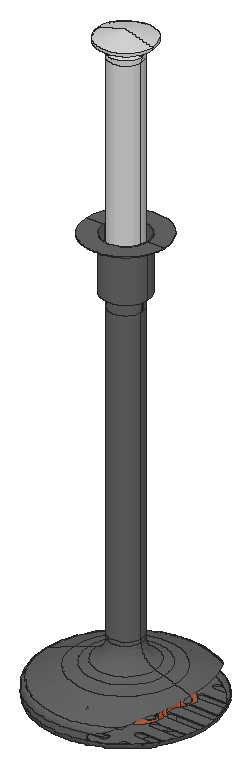
Revit family "Fireplace 5", category Generic Models, Revit 2020
Family settings
  Can host rebar = No
  Round Connector Dimension = Use Diameter
  Part Type = Normal
  Work Plane-Based = No
  Always vertical = Yes
  Cut with Voids When Loaded = No
  Shared = No
  Room Calculation Point = No
Parameters
  flame [instance] = Fire flame : Fire flame
  Height from ceiling line to Chinamans Hat [instance] = 1500 mm
  Flue Height [instance] = 2500 mm
  Default Elevation = 0 mm
  Ceiling flue sleeve diameter [instance] = 170 mm
Reference planes
  plane 1 "Center (Front/Back)": y = 0
  plane 2: z = 0
  plane 3 "Center (Left/Right)": x = 0
  plane 4: z = 925.173
  plane 5 "top of flue": z = 3425.173
  plane 6 "plate height": z = 470
  plane 7: z = 4925.173
Forms (mm)
  Revolve 1, solid, material "GyroFocus Main Body"
    sketch origin (16.743, 0, 0) x (1, 0, 0) y (0, 0, 1)
      loop
        arc (-650.438, 514.565) -> (-643.298, 488.818) -> (-623.916, 470.426) r 49.991
        arc (-623.916, 470.426) -> (-476.333, 403.168) -> (-321.654, 354.398) r 1328.336
        arc (-321.654, 354.398) -> (-195.483, 330.257) -> (-67.418, 320.188) r 1162.198
        arc (-67.418, 320.188) -> (-42.082, 319.738) -> (-16.743, 319.561) r 2344.48
        line (-16.743, 319.561) -> (-16.743, 322.561)
        arc (-16.743, 322.561) -> (-42.047, 322.738) -> (-67.348, 323.187) r 2341.48
        arc (-67.348, 323.187) -> (-195.082, 333.23) -> (-320.928, 357.309) r 1159.198
        arc (-320.928, 357.309) -> (-475.258, 405.969) -> (-622.508, 473.075) r 1325.336
        arc (-622.508, 473.075) -> (-640.726, 490.363) -> (-647.438, 514.565) r 46.991
        line (-647.438, 514.565) -> (-647.442, 563.961)
        arc (-647.442, 563.961) -> (-640.513, 588.796) -> (-621.729, 606.459) r 47.978
        arc (-621.729, 606.459) -> (-512.872, 657.888) -> (-400.147, 700.17) r 1459.685
        arc (-400.147, 700.17) -> (-353.553, 714.05) -> (-306.253, 725.291) r 865.385
        arc (-306.253, 725.291) -> (-271.867, 733.987) -> (-238.343, 745.57) r 417.564
        arc (-238.343, 745.57) -> (-162.167, 805.736) -> (-132.038, 898.013) r 167.852
        line (-132.038, 898.013) -> (-132.038, 922.173) -> (-126.395, 922.173) -> (-126.395, 925.173) -> (-135.038, 925.173) -> (-135.038, 898.046)
        arc (-135.038, 898.046) -> (-164.637, 807.439) -> (-239.442, 748.362) r 164.852
        arc (-239.442, 748.362) -> (-272.725, 736.862) -> (-306.864, 728.228) r 414.564
        arc (-306.864, 728.228) -> (-354.329, 716.948) -> (-401.084, 703.02) r 868.385
        arc (-401.084, 703.02) -> (-514.041, 660.651) -> (-623.122, 609.117) r 1462.685
        arc (-623.122, 609.117) -> (-643.08, 590.349) -> (-650.442, 563.961) r 50.978
        line (-650.442, 563.961) -> (-650.438, 514.565)
      axis (-16.699, 925.173) -> (-16.699, 319.561)
    angle from 0 to 360
  Extrusion 2, void
    sketch origin (16.743, 0, 0) x (1, 0, 0) y (0, 0, 1)
      loop
        line (486.82, 665.779) -> (187.055, 561.926)
        arc (187.055, 561.926) -> (169.155, 531.742) -> (195.95, 509.08) r 27.172
        line (195.95, 509.08) -> (624.896, 509.08) -> (624.896, 607.169) -> (486.82, 665.779)
    from -700.13 to 686.237
  Extrusion 3, solid, material "GyroFocus Flue Interior"
    sketch origin (0, 0, 0) x (1, 0, 0) y (0, 1, 0)
      loop
        circle (0.044, 0) r 118.339
      loop
        circle (0.044, 0) r 115.339
    from 925.173 to 3425.173
  Extrusion 4, solid, material "GyroFocus Main Body"
    sketch origin (0, 0, 470) x (0, -1, 0) y (1, 0, 0)
      loop
        line (479.464, 360.802) -> (479.464, 345)
        arc (479.464, 345) -> (449.464, 315) -> (419.464, 345) r 30
        line (419.464, 345) -> (419.464, 429.099)
        arc (419.464, 429.099) -> (376.212, 467.491) -> (329.464, 501.54) r 600
        line (329.464, 501.54) -> (329.464, 345)
        arc (329.464, 345) -> (299.464, 315) -> (269.464, 345) r 30
        line (269.464, 345) -> (269.464, 536.175)
        arc (269.464, 536.175) -> (225.463, 556.116) -> (180, 572.452) r 600
        line (180, 572.452) -> (180, 345)
        arc (180, 345) -> (150, 315) -> (120, 345) r 30
        line (120, 345) -> (120, 587.966)
        arc (120, 587.966) -> (75.215, 595.355) -> (30, 599.338) r 600
        line (30, 599.338) -> (30, 345)
        arc (30, 345) -> (0, 315) -> (-30, 345) r 30
        line (-30, 345) -> (-30, 599.338)
        arc (-30, 599.338) -> (-75.215, 595.355) -> (-120, 587.966) r 600
        line (-120, 587.966) -> (-120, 345)
        arc (-120, 345) -> (-150, 315) -> (-180, 345) r 30
        line (-180, 345) -> (-180, 572.452)
        arc (-180, 572.452) -> (-225.463, 556.116) -> (-269.464, 536.175) r 600
        line (-269.464, 536.175) -> (-269.464, 345)
        arc (-269.464, 345) -> (-299.464, 315) -> (-329.464, 345) r 30
        line (-329.464, 345) -> (-329.464, 501.54)
        arc (-329.464, 501.54) -> (-376.212, 467.491) -> (-419.464, 429.099) r 600
        line (-419.464, 429.099) -> (-419.464, 345)
        arc (-419.464, 345) -> (-449.464, 315) -> (-479.464, 345) r 30
        line (-479.464, 345) -> (-479.464, 360.802)
        arc (-479.464, 360.802) -> (-600, 0.088) -> (-479.464, -360.625) r 600
        line (-479.464, -360.625) -> (-479.464, -345)
        arc (-479.464, -345) -> (-449.464, -315) -> (-419.464, -345) r 30
        line (-419.464, -345) -> (-419.464, -429.099)
        arc (-419.464, -429.099) -> (-376.212, -467.491) -> (-329.464, -501.54) r 600
        line (-329.464, -501.54) -> (-329.464, -345)
        arc (-329.464, -345) -> (-299.464, -315) -> (-269.464, -345) r 30
        line (-269.464, -345) -> (-269.464, -536.175)
        arc (-269.464, -536.175) -> (-225.463, -556.116) -> (-180, -572.452) r 600
        line (-180, -572.452) -> (-180, -345)
        arc (-180, -345) -> (-150, -315) -> (-120, -345) r 30
        line (-120, -345) -> (-120, -587.966)
        arc (-120, -587.966) -> (-75.215, -595.355) -> (-30, -599.338) r 600
        line (-30, -599.338) -> (-30, -345)
        arc (-30, -345) -> (0, -315) -> (30, -345) r 30
        line (30, -345) -> (30, -599.338)
        arc (30, -599.338) -> (75.215, -595.355) -> (120, -587.966) r 600
        line (120, -587.966) -> (120, -345)
        arc (120, -345) -> (150, -315) -> (180, -345) r 30
        line (180, -345) -> (180, -572.452)
        arc (180, -572.452) -> (225.463, -556.116) -> (269.464, -536.175) r 600
        line (269.464, -536.175) -> (269.464, -345)
        arc (269.464, -345) -> (299.464, -315) -> (329.464, -345) r 30
        line (329.464, -345) -> (329.464, -501.54)
        arc (329.464, -501.54) -> (376.212, -467.491) -> (419.464, -429.099) r 600
        line (419.464, -429.099) -> (419.464, -345)
        arc (419.464, -345) -> (449.464, -315) -> (479.464, -345) r 30
        line (479.464, -345) -> (479.464, -360.625)
        arc (479.464, -360.625) -> (600, 0.088) -> (479.464, 360.802) r 600
      loop
        arc (-30, -200) -> (0, -230) -> (30, -200) r 30
        line (30, -200) -> (30, 200)
        arc (30, 200) -> (0, 230) -> (-30, 200) r 30
        line (-30, 200) -> (-30, -200)
      loop
        arc (-180, -200) -> (-150, -230) -> (-120, -200) r 30
        line (-120, -200) -> (-120, 200)
        arc (-120, 200) -> (-150, 230) -> (-180, 200) r 30
        line (-180, 200) -> (-180, -200)
      loop
        arc (-329.464, -200) -> (-299.464, -230) -> (-269.464, -200) r 30
        line (-269.464, -200) -> (-269.464, 200)
        arc (-269.464, 200) -> (-299.464, 230) -> (-329.464, 200) r 30
        line (-329.464, 200) -> (-329.464, -200)
      loop
        arc (-479.464, -200) -> (-449.464, -230) -> (-419.464, -200) r 30
        line (-419.464, -200) -> (-419.464, 200)
        arc (-419.464, 200) -> (-449.464, 230) -> (-479.464, 200) r 30
        line (-479.464, 200) -> (-479.464, -200)
      loop
        line (180, -200) -> (180, 200)
        arc (180, 200) -> (150, 230) -> (120, 200) r 30
        line (120, 200) -> (120, -200)
        arc (120, -200) -> (150, -230) -> (180, -200) r 30
      loop
        line (329.464, -200) -> (329.464, 200)
        arc (329.464, 200) -> (299.464, 230) -> (269.464, 200) r 30
        line (269.464, 200) -> (269.464, -200)
        arc (269.464, -200) -> (299.464, -230) -> (329.464, -200) r 30
      loop
        line (479.464, -200) -> (479.464, 200)
        arc (479.464, 200) -> (449.464, 230) -> (419.464, 200) r 30
        line (419.464, 200) -> (419.464, -200)
        arc (419.464, -200) -> (449.464, -230) -> (479.464, -200) r 30
    from 0 to 5
  Revolve 5, solid, material "GyroFocus Flue Exterior"
    sketch origin (0, 0, 1637.755) x (1, 0, 0) y (0, 0, 1)
      loop
        line (0, 3445.173) -> (-204.505, 3386.532) -> (-204.505, 3367.418) -> (-202.505, 3367.418) -> (-202.505, 3385.025) -> (0, 3443.093) -> (0, 3445.173)
      axis (0, 3445.173) -> (0, 3367.418)
    angle from 0 to 360
  Revolve 6, solid, material "GyroFocus Flue Exterior"
    sketch origin (0, 0, 1498.188) x (1, 0, 0) y (0, 0, 1)
      loop
        line (-119.986, 3396.985) -> (-119.986, 3426.985) -> (-74.986, 3458.494) -> (-74.986, 3473.494) -> (-109.042, 3530.173) -> (-112.542, 3530.173) -> (-77.986, 3472.662) -> (-77.986, 3460.056) -> (-122.986, 3428.547) -> (-122.986, 3396.985) -> (-119.986, 3396.985)
      axis (0, 3530.173) -> (0, 3396.985)
    angle from 0 to 360
  Extrusion 7, solid, material "GyroFocus Flue Exterior"
    sketch origin (0, 0, 0) x (1, 0, 0) y (0, 1, 0)
      loop
        circle (0.044, 0) r 118.339
      loop
        circle (0.044, 0) r 115.339
    from 3425.173 to 4925.173
  Revolve 8, solid, material "GyroFocus Flue Interior"
    sketch origin (0, 0, 0) x (1, 0, 0) y (0, 0, 1)
      loop
        line (-119.25, 3175.173) -> (-119.25, 3277.173) -> (-168, 3277.173) -> (-168, 3677.173) -> (-300, 3677.173) -> (-300, 3675.173) -> (-170, 3675.173) -> (-170, 3275.173) -> (-121.25, 3275.173) -> (-121.25, 3175.173) -> (-119.25, 3175.173)
      axis (0, 3677.173) -> (0, 3175.173)
    angle from 0 to 360
Cuts and joins
  Extrusion 2 cuts Revolve 1
Dimensions and locks
  "Flue Height": plane 5 "top of flue" to plane 4
  "Height from ceiling line to Chinamans Hat": plane 7 to plane 5 "top of flue"
  locked: Revolve 5 to plane 7 at 80
  locked: plane 7 to Revolve 6 at 30
  Revolve 8 sketch curve to plane 5 "top of flue" = 250 mm
  locked: Revolve 8 sketch curve to Revolve 8 sketch curve at 2  (x4)
  plane 5 "top of flue" to Revolve 8 sketch curve = 150 mm
  "Ceiling flue sleeve diameter": plane 3 "Center (Left/Right)" to Revolve 8 sketch curve
  locked: Revolve 8 sketch curve to Revolve 8 sketch curve at 130
  locked: plane 3 "Center (Left/Right)" to Revolve 8 sketch curve at 119.25
  aligned and locked: level to plane 2
  aligned and locked: Extrusion 3 to plane 5 "top of flue"
  aligned and locked: plane 7 to Extrusion 7
  aligned and locked: plane 5 "top of flue" to Extrusion 7
Automatic sketch dimensions
  Extrusion 2 sketch curve to plane 6 "plate height" = 91.926 mm
  plane 3 "Center (Left/Right)" to Extrusion 2 sketch curve = 203.798 mm
  Extrusion 2 sketch curve to plane 6 "plate height" = 39.08 mm
  Extrusion 2 sketch curve to Extrusion 2 sketch curve = 8.895 mm
  Extrusion 2 sketch curve to plane 6 "plate height" = 195.779 mm
  Extrusion 2 sketch curve to Extrusion 2 sketch curve = 299.765 mm
  Extrusion 2 sketch curve to Extrusion 2 sketch curve = 138.076 mm
  Extrusion 2 sketch curve to Extrusion 2 sketch curve = 98.09 mm
  Extrusion 3 sketch curve to Extrusion 3 sketch curve = 0 mm  (x2)
  plane 1 "Center (Front/Back)" to Extrusion 3 sketch curve = 0 mm
  plane 3 "Center (Left/Right)" to Extrusion 3 sketch curve = 0.044 mm
  Extrusion 4 sketch curve to Extrusion 4 sketch curve = 0 mm  (x100)
  plane 1 "Center (Front/Back)" to Extrusion 4 sketch curve = 0 mm  (x5)
  Extrusion 4 sketch curve to plane 1 "Center (Front/Back)" = 30 mm  (x3)
  Extrusion 4 sketch curve to Extrusion 4 sketch curve = 90 mm  (x12)
  Extrusion 4 sketch curve to Extrusion 4 sketch curve = 30 mm  (x18)
  Extrusion 4 sketch curve to Extrusion 4 sketch curve = 89.464 mm  (x6)
  Extrusion 4 sketch curve to plane 3 "Center (Left/Right)" = 599.338 mm
  Extrusion 4 sketch curve to Extrusion 4 sketch curve = 11.372 mm
  Extrusion 4 sketch curve to Extrusion 4 sketch curve = 15.514 mm  (x4)
  Extrusion 4 sketch curve to Extrusion 4 sketch curve = 34.636 mm  (x4)
  Extrusion 4 sketch curve to Extrusion 4 sketch curve = 68.473 mm  (x2)
  Extrusion 4 sketch curve to Extrusion 4 sketch curve = 156.54 mm
  Extrusion 4 sketch curve to Extrusion 4 sketch curve = 191.175 mm
  Extrusion 4 sketch curve to Extrusion 4 sketch curve = 15.625 mm  (x2)
  Extrusion 4 sketch curve to Extrusion 4 sketch curve = 84.099 mm  (x3)
  Extrusion 4 sketch curve to Extrusion 4 sketch curve = 145 mm  (x6)
  plane 3 "Center (Left/Right)" to Extrusion 4 sketch curve = 0.088 mm
  plane 3 "Center (Left/Right)" to Extrusion 4 sketch curve = 200 mm  (x2)
  Extrusion 4 sketch curve to Extrusion 4 sketch curve = 15.802 mm  (x2)
  Revolve 5 sketch curve to plane 3 "Center (Left/Right)" = 0 mm  (x2)
  plane 7 to Revolve 5 sketch curve = 80 mm
  Revolve 5 sketch curve to plane 3 "Center (Left/Right)" = 202.505 mm
  Revolve 5 sketch curve to Revolve 5 sketch curve = 2 mm
  Revolve 5 sketch curve to plane 4 = 331.582 mm
  Revolve 5 sketch curve to Revolve 5 sketch curve = 17.607 mm
  Revolve 5 sketch curve to Revolve 5 sketch curve = 1.507 mm
  plane 7 to Revolve 5 sketch curve = 155.674 mm
  Revolve 5 sketch curve to Revolve 5 sketch curve = 2.081 mm
  Revolve 5 sketch curve to Revolve 5 sketch curve = 261.932 mm
  Revolve 6 sketch curve to plane 7 = 0 mm
  Revolve 6 sketch curve to plane 3 "Center (Left/Right)" = 0 mm
  plane 7 to Revolve 6 sketch curve = 31.509 mm
  Revolve 6 sketch curve to plane 3 "Center (Left/Right)" = 74.986 mm
  plane 7 to Revolve 6 sketch curve = 33.071 mm
  Revolve 6 sketch curve to Revolve 6 sketch curve = 3 mm  (x2)
  Revolve 6 sketch curve to Revolve 6 sketch curve = 31.056 mm
  Revolve 6 sketch curve to Revolve 6 sketch curve = 3.5 mm
  Revolve 6 sketch curve to plane 7 = 30 mm
  Revolve 6 sketch curve to Revolve 6 sketch curve = 42 mm
  Revolve 6 sketch curve to plane 4 = 192.015 mm
  plane 7 to Revolve 6 sketch curve = 1.562 mm
  Revolve 6 sketch curve to Revolve 6 sketch curve = 12.606 mm
  Revolve 6 sketch curve to Revolve 6 sketch curve = 0.832 mm
  Revolve 6 sketch curve to Revolve 6 sketch curve = 57.511 mm
  Revolve 6 sketch curve to Revolve 6 sketch curve = 176.932 mm
  Extrusion 7 sketch curve to Extrusion 7 sketch curve = 0 mm  (x2)
  plane 1 "Center (Front/Back)" to Extrusion 7 sketch curve = 0 mm
  plane 3 "Center (Left/Right)" to Extrusion 7 sketch curve = 0.044 mm
  Revolve 1 sketch curve to Revolve 1 sketch curve = 0 mm  (x34)
  Revolve 1 sketch curve to plane 4 = 0 mm
  Revolve 1 sketch curve to plane 3 "Center (Left/Right)" = 0 mm
  Revolve 1 sketch curve to plane 3 "Center (Left/Right)" = 23.75 mm
  Revolve 1 sketch curve to plane 3 "Center (Left/Right)" = 50.605 mm
  Revolve 1 sketch curve to Revolve 1 sketch curve = 0.07 mm
  Revolve 1 sketch curve to plane 3 "Center (Left/Right)" = 109.652 mm
  Revolve 1 sketch curve to plane 3 "Center (Left/Right)" = 113.153 mm
  Revolve 1 sketch curve to Revolve 1 sketch curve = 5.643 mm
  Revolve 1 sketch curve to Revolve 1 sketch curve = 3 mm  (x2)
  Revolve 1 sketch curve to Revolve 1 sketch curve = 103.305 mm
  Revolve 1 sketch curve to Revolve 1 sketch curve = 1.099 mm
  plane 4 to Revolve 1 sketch curve = 23.426 mm
  Revolve 1 sketch curve to Revolve 1 sketch curve = 60.406 mm
  Revolve 1 sketch curve to Revolve 1 sketch curve = 66.811 mm
  Revolve 1 sketch curve to Revolve 1 sketch curve = 0.611 mm
  plane 6 "plate height" to Revolve 1 sketch curve = 112.691 mm
  Revolve 1 sketch curve to Revolve 1 sketch curve = 93.894 mm
  Revolve 1 sketch curve to plane 6 "plate height" = 93.961 mm
  Revolve 1 sketch curve to Revolve 1 sketch curve = 0.984 mm
  Revolve 1 sketch curve to plane 6 "plate height" = 3.075 mm
  Revolve 1 sketch curve to Revolve 1 sketch curve = 22.061 mm
  Revolve 1 sketch curve to Revolve 1 sketch curve = 1.392 mm
  Revolve 1 sketch curve to Revolve 1 sketch curve = 1.408 mm
  Revolve 1 sketch curve to Revolve 1 sketch curve = 3.004 mm
  Revolve 1 sketch curve to Revolve 1 sketch curve = 0.004 mm
  plane 3 "Center (Left/Right)" to Revolve 1 sketch curve = 0.044 mm
  plane 3 "Center (Left/Right)" to Revolve 1 sketch curve = 3.64 mm
  Revolve 1 sketch curve to Revolve 1 sketch curve = 0.801 mm
  Revolve 1 sketch curve to Revolve 1 sketch curve = 1.94 mm
  plane 4 to Revolve 1 sketch curve = 3 mm
  Revolve 8 sketch curve to plane 3 "Center (Left/Right)" = 0 mm
  Revolve 8 sketch curve to Revolve 8 sketch curve = 100 mm
  Revolve 8 sketch curve to level = 381 mm
  Revolve 8 sketch curve to Revolve 8 sketch curve = 29.932 mm
  radius of Extrusion 3 sketch curve = 118.339 mm
  radius of Extrusion 3 sketch curve = 115.339 mm
  radius of Extrusion 7 sketch curve = 118.339 mm
  radius of Extrusion 7 sketch curve = 115.339 mm
Nested families
  nested 1: "Fire flame" at (169.832, -158.654, 0) x (0.7071, 0.7071, 0) z (0, 0, 1), type <- "flame", type "Fire flame"
    with Height from ceiling line to Chinamans Hat 1500 mm, Flue Height 2500 mm, Ceiling flue sleeve diameter 170 mm
  nested 2: "Fire flame" at (318.539, 14.136, 0) x (0.1646, 0.9864, 0) z (0, 0, 1), type <- "flame", type "Fire flame"
    with Height from ceiling line to Chinamans Hat 1500 mm, Flue Height 2500 mm, Ceiling flue sleeve diameter 170 mm
  nested 3: "Fire flame" at (62.178, 340.725, 0) x (0.7071, 0.7071, 0) z (0, 0, 1), type <- "flame", type "Fire flame"
    with Height from ceiling line to Chinamans Hat 1500 mm, Flue Height 2500 mm, Ceiling flue sleeve diameter 170 mm
  nested 4: "Fire flame" at (-150.333, 76.647, 0) x (0.1303, 0.9915, 0) z (0, 0, 1), type <- "flame", type "Fire flame"
    with Height from ceiling line to Chinamans Hat 1500 mm, Flue Height 2500 mm, Ceiling flue sleeve diameter 170 mm
  nested 5: "Fire flame" at (0, -269.464, 0) x (-0.5022, 0.8648, 0) z (0, 0, 1), type <- "flame", type "Fire flame"
    with Height from ceiling line to Chinamans Hat 1500 mm, Flue Height 2500 mm, Ceiling flue sleeve diameter 170 mm
  nested 6: "Fire flame" at (10.422, -133.265, 0) x (0.4349, 0.9005, 0) z (0, 0, 1), type <- "flame", type "Fire flame"
    with Height from ceiling line to Chinamans Hat 1500 mm, Flue Height 2500 mm, Ceiling flue sleeve diameter 170 mm
  nested 7: "Fire flame" at (-139.837, 347.812, 0) x (-0.9703, -0.2419, 0) z (0, 0, 1), type <- "flame", type "Fire flame"
    with Height from ceiling line to Chinamans Hat 1500 mm, Flue Height 2500 mm, Ceiling flue sleeve diameter 170 mm
  nested 8: "Fire flame" at (171.487, 269.464, 0) x (-0.0349, 0.9994, 0) z (0, 0, 1), type <- "flame", type "Fire flame"
    with Height from ceiling line to Chinamans Hat 1500 mm, Flue Height 2500 mm, Ceiling flue sleeve diameter 170 mm
  nested 9: "Fire flame" at (-364.061, -37.399, 0) x (-0.2062, 0.9785, 0) z (0, 0, 1), type <- "flame", type "Fire flame"
    with Height from ceiling line to Chinamans Hat 1500 mm, Flue Height 2500 mm, Ceiling flue sleeve diameter 170 mm
Definition of nested family "Fire flame"
  Parameters
    Height from ceiling line to Chinamans Hat [instance] = 1500 mm
    Flue Height [instance] = 2500 mm
    Default Elevation = 0 mm
    Ceiling flue sleeve diameter [instance] = 170 mm
  Reference planes
    plane 1 "Center (Front/Back)": y = 0
    plane 2: z = 0
    plane 3 "Center (Left/Right)": x = 0
    plane 4 "plate height": z = 470
    plane 5: z = 4925.173
  Forms (mm)
    Extrusion 1, void
      sketch origin (-295.242, 0, 0) x (1, 0, 0) y (0, 0, 1)
        loop
          line (509.839, 475) -> (523.733, 475) -> (523.733, 700.475) -> (508.022, 714.621) -> (38.303, 685.733) -> (38.303, 477.382)
          arc (38.303, 477.382) -> (56.208, 521.089) -> (48.973, 567.763) r 88.125
          arc (48.973, 567.763) -> (40.317, 615.984) -> (55.6, 662.532) r 100.014
          arc (55.6, 662.532) -> (66.021, 637.375) -> (91.178, 626.954) r 35.577
          arc (91.178, 626.954) -> (105.744, 637.577) -> (107.724, 655.497) r 22.34
          arc (107.724, 655.497) -> (119.356, 633.981) -> (104.164, 614.813) r 22.217
          arc (104.164, 614.813) -> (70.382, 581.496) -> (76.491, 534.444) r 53.36
          arc (76.491, 534.444) -> (113.22, 503.512) -> (160.782, 496.915) r 86.564
          arc (160.782, 496.915) -> (192.989, 527.587) -> (174.618, 568.091) r 38.391
          arc (174.618, 568.091) -> (148.345, 602.455) -> (153.912, 645.352) r 56.766
          arc (153.912, 645.352) -> (183.181, 629.254) -> (183.174, 662.658) r 19.402
          arc (183.174, 662.658) -> (194.992, 657.763) -> (199.887, 645.945) r 16.713
          arc (199.887, 645.945) -> (196.426, 623.653) -> (188.279, 602.609) r 104.99
          arc (188.279, 602.609) -> (186.675, 570.95) -> (209.461, 548.912) r 38.324
          arc (209.461, 548.912) -> (238.739, 548.987) -> (261.222, 567.74) r 43.126
          arc (261.222, 567.74) -> (275.631, 614.357) -> (267.854, 662.527) r 107.053
          arc (267.854, 662.527) -> (290.088, 628.289) -> (297.878, 588.214) r 106.98
          arc (297.878, 588.214) -> (280.963, 547.378) -> (240.126, 530.463) r 57.751
          arc (240.126, 530.463) -> (225.241, 502.265) -> (252.321, 485.432) r 23.385
          arc (252.321, 485.432) -> (287.047, 491.96) -> (302.893, 523.541) r 39.799
          arc (302.893, 523.541) -> (305.813, 553.365) -> (329.558, 571.645) r 37.713
          arc (329.558, 571.645) -> (348.624, 590.522) -> (341.325, 616.34) r 26.404
          arc (341.325, 616.34) -> (329.522, 635.764) -> (330.702, 658.462) r 38.584
          arc (330.702, 658.462) -> (355.702, 642.644) -> (380.702, 658.462) r 27.665
          arc (380.702, 658.462) -> (380.38, 647.937) -> (373.861, 639.668) r 16.811
          arc (373.861, 639.668) -> (360.823, 623.13) -> (360.18, 602.08) r 33.623
          arc (360.18, 602.08) -> (364.674, 582.927) -> (366.939, 563.385) r 171.052
          arc (366.939, 563.385) -> (357.409, 543.746) -> (336.085, 539.08) r 25
          arc (336.085, 539.08) -> (317.044, 524.08) -> (336.085, 509.08) r 15.429
          arc (336.085, 509.08) -> (362.983, 518.484) -> (387.476, 533.044) r 142.71
          arc (387.476, 533.044) -> (410.27, 573.712) -> (394.884, 617.72) r 56.71
          arc (394.884, 617.72) -> (418.848, 574.966) -> (419.472, 525.957) r 99.417
          arc (419.472, 525.957) -> (422.845, 490.671) -> (458.132, 487.298) r 27.841
          arc (458.132, 487.298) -> (469.949, 505.523) -> (465.077, 526.69) r 27.841
          arc (465.077, 526.69) -> (434.989, 591.331) -> (431.208, 662.532) r 187.505
          arc (431.208, 662.532) -> (443.25, 624.477) -> (467.087, 592.462) r 120.223
          arc (467.087, 592.462) -> (502.143, 538.71) -> (509.839, 475) r 141.436
      from -51.385 to 51.604
    Extrusion 2, solid
      sketch origin (0, 0, 475) x (0, -1, 0) y (1, 0, 0)
        loop
          arc (-33.415, -250.014) -> (15.745, -183.972) -> (29.102, -102.733) r 174.266
          arc (29.102, -102.733) -> (19.964, -57.651) -> (0, -16.21) r 185.255
          arc (0, -16.21) -> (-18.008, 41.158) -> (-4.046, 99.642) r 113.019
          arc (-4.046, 99.642) -> (18.493, 158.583) -> (24.073, 221.438) r 228.786
          arc (24.073, 221.438) -> (9.038, 155.226) -> (-19.878, 93.793) r 314.021
          arc (-19.878, 93.793) -> (-34.617, 35.004) -> (-13.29, -21.728) r 101.687
          arc (-13.29, -21.728) -> (15.449, -78.205) -> (21.005, -141.33) r 166.496
          arc (21.005, -141.33) -> (3.699, -200.631) -> (-33.415, -250.014) r 172.273
      from 0 to 200
  Cuts and joins
    Extrusion 1 cuts Extrusion 2
  Dimensions and locks
    aligned and locked: level to plane 2
